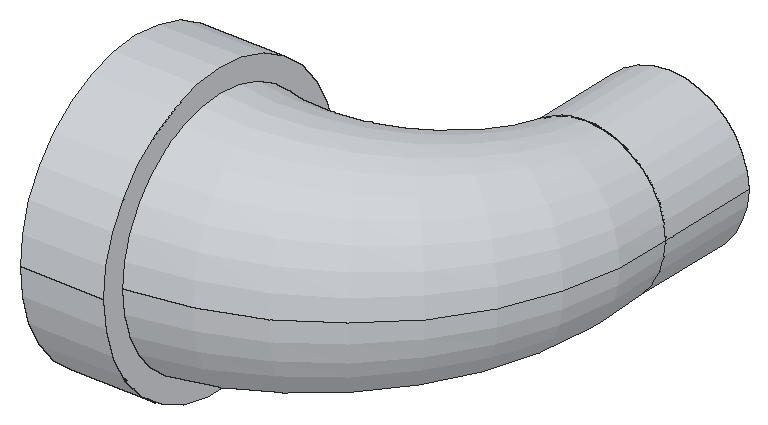
Revit family "M_Elbow Street - Threaded - MI - Class 150", category Pipe Fittings, Revit 2014
Parameters (values of type "Standard")
  Tick Size [instance] = Fitting Outside Diameter 1 * 0.4  # 5.952 mm
  Metal Thickness [instance] = size_lookup(Lookup Table Name, "MThk", 0.04 * Nominal Diameter + 2.183 mm, Nominal Diameter)  # 2.29 mm
  Male End Port Diameter [instance] = size_lookup(Lookup Table Name, "MEPD", 0.95 * Nominal Diameter - 1.687 mm, Nominal Diameter)  # 5.1 mm
  Lookup Table Name = "M_Elbow Street - Threaded - MI - Class 150"
  Length 5 [instance] = if(Length 1 > Fitting Outside Radius 1 * tan(Angle / 2), Length 1, Fitting Outside Radius 1 * tan(Angle / 2) + 0.794 mm)  # 12.4 mm
  Length 4 [instance] = Length 5 * sin(Angle)  # 12.4 mm
  Length 3 [instance] = Length 5 + Length 5 * cos(Angle)  # 12.4 mm
  Length 2 [instance] = if(Center to Male End - External Thread Length - Length 1 < 0.794 mm, 0.794 mm, Center to Male End - External Thread Length - Length 1)  # 6.3 mm
  Fitting Outside Radius 2 [instance] = Fitting Outside Diameter 2 / 2  # 4.84 mm
  Fitting Outside Radius 1 [instance] = Fitting Outside Diameter 1 / 2  # 7.44 mm
  Fitting Outside Diameter 2 [instance] = Male End Port Diameter + Metal Thickness * 2  # 9.68 mm
  Fitting Outside Diameter 1 [instance] = Fitting Inside Diameter + Metal Thickness * 2  # 14.88 mm
  Length 1 [instance] = Center to End - Band Width  # 12.4 mm
  Nominal Radius [instance] = 3 mm
  Nominal Diameter [instance] = Nominal Radius * 2  # 6 mm
  Fitting Inside Diameter [instance] = size_lookup(Lookup Table Name, "FID", 1.08 * Nominal Diameter + 5.159 mm, Nominal Diameter)  # 10.3 mm
  External Thread Length [instance] = size_lookup(Lookup Table Name, "ETL", 0.22 * Nominal Diameter + 9.723 mm, Nominal Diameter)  # 6.7 mm
  Center to Male End 2 [instance] = size_lookup(Lookup Table Name, "CtME2", 0.74 * Nominal Diameter + 18.355 mm, Nominal Diameter)  # 22.8 mm
  Center to Male End 1 [instance] = size_lookup(Lookup Table Name, "CtME1", 1.21 * Nominal Diameter + 21.828 mm, Nominal Diameter)  # 25.4 mm
  Center to Male End [instance] = if(and(Angle > 0.00°, (not(Angle > 45.00°))), Center to Male End 2, Center to Male End 1)  # 25.4 mm
  Center to End 1 [instance] = size_lookup(Lookup Table Name, "CtE1", 0.78 * Nominal Diameter + 16.966 mm, Nominal Diameter)  # 17.5 mm
  Center to End 2 [instance] = size_lookup(Lookup Table Name, "CtE2", 0.5 * Nominal Diameter + 15.28 mm, Nominal Diameter)  # 18.4 mm
  Center to End [instance] = if(and(Angle > 0.00°, (not(Angle > 45.00°))), Center to End 2, Center to End 1)  # 17.5 mm
  Center Radius [instance] = Length 5 / tan(Angle / 2)  # 12.4 mm
  Band Width [instance] = size_lookup(Lookup Table Name, "BWid", 0.12 * Nominal Diameter + 4.465 mm, Nominal Diameter)  # 5.1 mm
  Band Outside Radius [instance] = Band Outside Diameter / 2  # 8.8 mm
  Band Outside Diameter [instance] = size_lookup(Lookup Table Name, "BOD", 1.24 * Nominal Diameter + 12.402 mm, Nominal Diameter)  # 17.6 mm
  Assembly Code = ""
  Angle [instance] = 90.00°
Reference planes
  plane 1 "Center (Front/Back)": y = 0
  plane 2: z = 0
  plane 3 "Center (Left/Right)": x = 0
  plane 4: x = -12.4
  plane 5: x = 0
  plane 6: y = 12.4
  plane 7: y = 12.4
  plane 8: x = -17.5
Forms (mm)
  SweptBlend 1, solid, detail levels fine
    path in 3D
      loop
        arc (-12.4, 0, 0) -> (-3.632, 3.632, 0) -> (0, 12.4, 0) r 12.4
    profile origin (-12.4, 0, 0) x (0, 1, 0) y (0, 0, 1)
      loop
        circle (0, 0) r 7.44
    end profile origin (0, 12.4, 0) x (-1, 0, 0) y (0, 0, 1)
      loop
        circle (0, 0) r 4.84
  Sweep 2, solid, detail levels fine
    path in 3D
      loop
        line (0, 12.4, 0) -> (0, 18.7, 0)
    profile origin (0, 15.55, 0) x (-1, 0, 0) y (0, 0, 1)
      loop
        circle (0, 0) r 4.84
  Sweep 3, solid, detail levels fine
    path in 3D
      loop
        line (-17.5, 0, 0) -> (-12.4, 0, 0)
    profile origin (-14.95, 0, 0) x (0, 1, 0) y (0, 0, 1)
      loop
        circle (0, 0) r 8.8
Cuts and joins
  joined: SweptBlend 1, Sweep 3
Lines and regions (mm)
  model lines, detail levels coarse+medium
    curve 1: arc (-12.4, 0, 0) -> (-3.632, 3.632, 0) -> (0, 12.4, 0) r 12.4
    curve 2: line (0, 12.4, 0) -> (0, 18.7, 0)
    curve 3: line (-17.5, 0, 0) -> (-12.4, 0, 0)
    curve 8: line (-17.5, 5.952, 0) -> (-17.5, 0, 0)
    curve 9: line (-17.5, -5.952, 0) -> (-17.5, 0, 0)
    curve 10: line (0, 18.7, 0) -> (5.952, 18.7, 0)
    curve 11: line (0, 18.7, 0) -> (-5.952, 18.7, 0)
  sketch lines
    curve 4: arc (-12.4, 0, 0) -> (-3.632, 3.632, 0) -> (0, 12.4, 0) r 12.4
    curve 5: line (0, 12.4, 0) -> (0, 18.7, 0)
    curve 6: line (-17.5, 0, 0) -> (-12.4, 0, 0)
  reference lines
    curve 7: line (-12.4, 0, 0) -> (-17.5, 0, 0)
Dimensions and locks
  "Length 1": plane 4 to plane 3 "Center (Left/Right)"
  "Length 4": plane 1 "Center (Front/Back)" to plane 6
  "Length 3": plane 4 to plane 5
  "Center Radius": plane 7 to plane 1 "Center (Front/Back)"
  "Length 2": curve 2 to curve 2
  "Band Width": plane 8 to plane 4
  "Tick Size": curve 8 to curve 8
  "Tick Size": curve 9 to curve 9
  "Tick Size": curve 10 to curve 10
  "Tick Size": curve 11 to curve 11
  "Fitting Outside Radius 1": radius of SweptBlend 1 sketch curve
  "Fitting Outside Radius 2": radius of SweptBlend 1 sketch curve
  "Fitting Outside Radius 2": radius of Sweep 2 sketch curve
  "Band Outside Radius": radius of Sweep 3 sketch curve
  "Angle": angle curve 1 to curve 1
  "Angle": angle plane 6 to curve 2
  angle curve 10 to curve 2 = 90.00°
  angle curve 2 to curve 11 = 90.00°
  aligned and locked: plane 7 to curve 1
  aligned and locked: plane 4 to curve 1
  aligned and locked: plane 5 to curve 2
  aligned and locked: plane 8 to curve 3
  aligned and locked: plane 4 to curve 3
  aligned and locked: plane 8 to curve 7
  aligned and locked: curve 7 to plane 1 "Center (Front/Back)"
  aligned and locked: plane 1 "Center (Front/Back)" to curve 8
  aligned and locked: curve 8 to plane 8
  aligned and locked: plane 8 to curve 9
Automatic sketch dimensions
  SweptBlend 1 sketch curve to profile plane = 0 mm  (x4)
  Sweep 2 sketch curve to profile plane = 0 mm  (x2)
  Sweep 3 sketch curve to profile plane = 0 mm  (x2)
  curve 7 to plane 4 = 0 mm
Connectors
  piping at (-17.5, 0, 0), diameter 6, driven by "Nominal Radius", driven by "Angle"
    settings: on cut or joined group of SweptBlend 1, Sweep 3, index 1, connector inside diameter 6 mm, connector length 0 mm, flow factor 0, pipe flow 0.0 L/s, pressure drop 0.0 Pa, fitting loss kfactor 0, connector angle 90.00°, fixture units 0, engagement length 0 mm, angle of deflection 0.00°, flow configuration 0, flow direction 0, fitting loss method 0, system type 28, joint type 0, gender type 0, connector reference index 2, connector utility 0, adjustable connector no, is connector primary yes, connector description ""
  piping at (0, 18.7, 0), diameter 6, driven by "Nominal Radius", driven by "Angle"
    settings: on Sweep 2, index 2, connector inside diameter 6 mm, connector length 0 mm, flow factor 0, pipe flow 0.0 L/s, pressure drop 0.0 Pa, fitting loss kfactor 0, connector angle 90.00°, fixture units 0, engagement length 0 mm, angle of deflection 0.00°, flow configuration 0, flow direction 0, fitting loss method 0, system type 28, joint type 0, gender type 0, connector reference index 1, connector utility 0, adjustable connector no, is connector primary no, connector description ""
